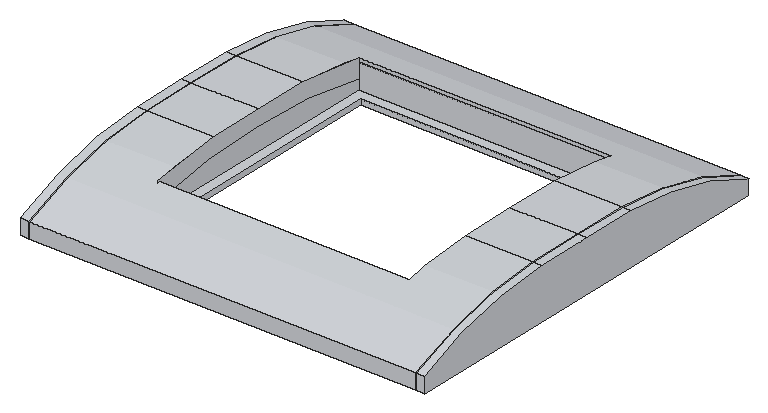
Revit family "Gira_1002738", category Electrical Fixtures, host Face, Revit 2017
Family settings
  Host = Face
  Maintain Annotation Orientation = No
  Round Connector Dimension = Use Diameter
  Part Type = Normal
  Cut with Voids When Loaded = No
  Shared = No
  Room Calculation Point = No
Parameters (values of type "Abdeckrahmen 2f o.M. Zwischenr. AN Gira Event Klar Schwarz")
  Werkstoffgüte = "Thermoplast"
  Werkstoff = "Kunststoff"
  URL = "http://katalog.gira.de/de_DE/datenblatt.html?artikelnr=1002738"
  Transparent = "No"
  Textfeld/Beschriftungsfläche = "No"
  Schutzart (IP) = "IP20"
  Region = "DE"
  Oberfläche = "sonstige"
  Name = "Abdeckrahmen 2f o.M. Zwischenr. AN Gira Event Klar Schwarz"
  Montagerichtung = "horizontal und vertikal"
  Mit Montagerahmen = "No"
  Mit Klappdeckel = "No"
  Manufacturer URL = "https://www.gira.de/"
  Keynote = "Event_Rahmen_2fach o.Mittelsteg"
  HeinzeBIM = "https://bimportal.heinze.de/bim/abdeckrahmen-2f-o-m-zwischenr-an-gira-event-klar-schwarz/7c758bbbcc1d21fc5811364a1b7927ab7d988a52"
  Halogenfrei = "Yes"
  HAN = "1002738"
  Geeignet für Unterputz-Installation = "Yes"
  Geeignet für Unterflurkanaldose = "No"
  Geeignet für Geräteeinbaukanal = "No"
  Geeignet für Einbauinstallation = "No"
  GTIN = "4010337070238"
  Farbe = "schwarz"
  Default Elevation = 1219.2 mm
  Data sheet (1) = "https://katalog.gira.de/de_DE/download.html?artikelnr=1002738"
  Category = "Abdeckrahmen"
  Befestigungsart = "Klemmbefestigung"
  Available = "Yes"
  Ausführung der Oberfläche = "glänzend"
  Anzahl der Einheiten vertikal = "2 "
  Anzahl der Einheiten horizontal = "2 "
  Anzahl der Einheiten = "2 "
Reference planes
  plane 1 "Center (Front/Back)": y = 0
  plane 2: z = 0
  plane 3 "Center (Left/Right)": x = 0
Forms (mm)
  Extrusion 1, solid, detail levels fine
    sketch origin (0, 0, 1.55) x (0, 1, 0) y (0, 0, 1)
      loop
        arc (12.445, 9.683) -> (6.223, 9.833) -> (0, 9.85) r 291.636
        arc (0, 9.85) -> (-6.223, 9.833) -> (-12.445, 9.683) r 291.636
        arc (-12.445, 9.683) -> (-29.14, 7.482) -> (-45, 1.823) r 79.728
        line (-45, 1.823) -> (-45, -1.55) -> (-41.777, -1.55) -> (-41.777, -0.55)
        arc (-41.777, -0.55) -> (-21.205, 4.846) -> (0, 6.467) r 118.15
        arc (0, 6.467) -> (21.205, 4.846) -> (41.777, -0.55) r 118.15
        line (41.777, -0.55) -> (41.777, -1.55) -> (45, -1.55) -> (45, 1.823)
        arc (45, 1.823) -> (29.14, 7.482) -> (12.445, 9.683) r 79.728
    from -43 to 43
  Extrusion 2, void, detail levels fine
    sketch origin (0, 0, 0) x (1, 0, 0) y (0, 1, 0)
      loop
        line (-28, -28) -> (28, -28) -> (28, 28) -> (-28, 28) -> (-28, -28)
    from 2.85 to 12
  Extrusion 3, solid, detail levels coarse
    sketch origin (0, 0, 0) x (1, 0, 0) y (0, 1, 0)
      loop
        line (-45, 45) -> (-45, -45) -> (45, -45) -> (45, 45) -> (-45, 45)
    from 0 to 11.4
  Extrusion 4, solid, detail levels medium
    sketch origin (0, 0, 1.55) x (0, 1, 0) y (0, 0, 1)
      loop
        arc (12.445, 9.683) -> (6.223, 9.833) -> (0, 9.85) r 291.636
        arc (0, 9.85) -> (-6.223, 9.833) -> (-12.445, 9.683) r 291.636
        arc (-12.445, 9.683) -> (-29.14, 7.482) -> (-45, 1.823) r 79.728
        line (-45, 1.823) -> (-45, -1.55) -> (45, -1.55) -> (45, 1.823)
        arc (45, 1.823) -> (29.14, 7.482) -> (12.445, 9.683) r 79.728
    from -45 to 45
  Extrusion 5, solid, detail levels fine
    sketch origin (0, 0, 0) x (0, 1, 0) y (0, 0, 1)
      loop
        arc (45, 3.373) -> (29.14, 9.032) -> (12.445, 11.233) r 79.728
        arc (12.445, 11.233) -> (6.223, 11.383) -> (0, 11.4) r 291.636
        arc (0, 11.4) -> (-6.223, 11.383) -> (-12.445, 11.233) r 291.636
        arc (-12.445, 11.233) -> (-29.14, 9.032) -> (-45, 3.373) r 79.728
        line (-45, 3.373) -> (-45, 0) -> (45, 0) -> (45, 3.373)
    from 43 to 45
  Extrusion 6, solid, detail levels fine
    sketch origin (0, 0, 0) x (0, 1, 0) y (0, 0, -1)
      loop
        line (45, -3.373) -> (45, 0) -> (-45, 0) -> (-45, -3.373)
        arc (-45, -3.373) -> (-29.14, -9.032) -> (-12.445, -11.233) r 79.728
        arc (-12.445, -11.233) -> (-6.223, -11.383) -> (0, -11.4) r 291.636
        arc (0, -11.4) -> (6.223, -11.383) -> (12.445, -11.233) r 291.636
        arc (12.445, -11.233) -> (29.14, -9.032) -> (45, -3.373) r 79.728
    from 43 to 45
  Extrusion 7, solid, detail levels fine
    sketch origin (0, 0, 0) x (1, 0, 0) y (0, 1, 0)
      loop
        line (-25.7, 25.7) -> (-25.7, -25.7) -> (25.7, -25.7) -> (25.7, 25.7) -> (-25.7, 25.7)
      loop
        line (-29.495, 27.895) -> (-29.495, -27.895)
        spline (-29.495, -27.895) -> (-29.486, -28.025) -> (-29.461, -28.154) -> (-29.419, -28.278) -> (-29.361, -28.395) -> (-29.288, -28.504) -> (-29.202, -28.602) -> (-29.104, -28.688) -> (-28.995, -28.761) -> (-28.878, -28.819) -> (-28.754, -28.861) -> (-28.625, -28.886) -> (-28.495, -28.895)
        line (-28.495, -28.895) -> (28.495, -28.895)
        spline (28.495, -28.895) -> (28.625, -28.886) -> (28.754, -28.861) -> (28.878, -28.819) -> (28.995, -28.761) -> (29.104, -28.688) -> (29.202, -28.602) -> (29.288, -28.504) -> (29.361, -28.395) -> (29.419, -28.278) -> (29.461, -28.154) -> (29.486, -28.025) -> (29.495, -27.895)
        line (29.495, -27.895) -> (29.495, 27.895)
        spline (29.495, 27.895) -> (29.486, 28.025) -> (29.461, 28.154) -> (29.419, 28.278) -> (29.361, 28.395) -> (29.288, 28.504) -> (29.202, 28.602) -> (29.104, 28.688) -> (28.995, 28.761) -> (28.878, 28.819) -> (28.754, 28.861) -> (28.625, 28.886) -> (28.495, 28.895)
        line (28.495, 28.895) -> (-28.495, 28.895)
        spline (-28.495, 28.895) -> (-28.625, 28.886) -> (-28.754, 28.861) -> (-28.878, 28.819) -> (-28.995, 28.761) -> (-29.104, 28.688) -> (-29.202, 28.602) -> (-29.288, 28.504) -> (-29.361, 28.395) -> (-29.419, 28.278) -> (-29.461, 28.154) -> (-29.486, 28.025) -> (-29.495, 27.895)
    from 1.673 to 8.5
Cuts and joins
  Extrusion 2 cuts Extrusion 1
  Extrusion 2 cuts Extrusion 7
Dimensions and locks
  aligned and locked: plane 2 to host face
  aligned and locked: level to host face
